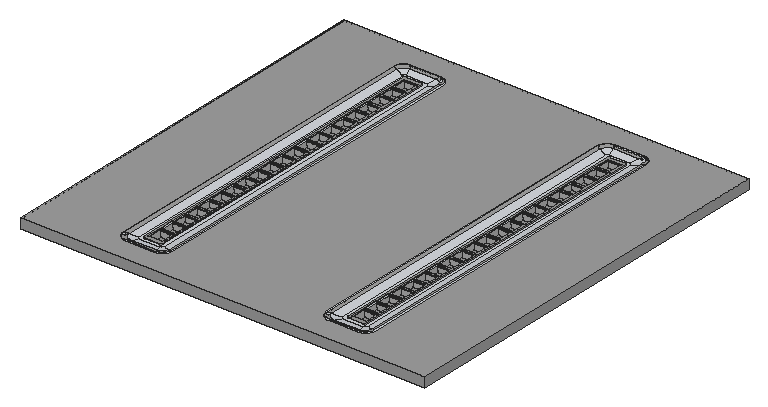
Revit family "0044018 Sylvania Lighting Fixture OptiClip 600 4000K C9 WH SSC WHITE", category Lighting Fixtures, host Face, Revit 2016 (continued)
Automatic sketch dimensions
  Blend 25 sketch curve to plane 64 = 4.7 mm
  Extrusion 26 sketch curve to plane 75 = 0 mm
  Extrusion 26 sketch curve to plane 77 = 0 mm
  Extrusion 26 sketch curve to plane 76 = 0 mm
  Extrusion 26 sketch curve to plane 74 = 0 mm
  Extrusion 27 sketch curve to plane 77 = 0 mm
  Extrusion 27 sketch curve to plane 76 = 0 mm
  plane 33 to Extrusion 27 sketch curve = 4.7 mm
  Extrusion 27 sketch curve to plane 32 = 4.7 mm
  Extrusion 28 sketch curve to plane 77 = 0 mm
  Extrusion 28 sketch curve to plane 76 = 0 mm
  plane 35 to Extrusion 28 sketch curve = 4.655 mm
  Extrusion 28 sketch curve to plane 34 = 4.7 mm
  Extrusion 29 sketch curve to plane 77 = 0 mm
  Extrusion 29 sketch curve to plane 76 = 0 mm
  plane 37 to Extrusion 29 sketch curve = 4.745 mm
  Extrusion 29 sketch curve to plane 36 = 4.7 mm
  Extrusion 30 sketch curve to plane 77 = 0 mm
  Extrusion 30 sketch curve to plane 76 = 0 mm
  plane 39 to Extrusion 30 sketch curve = 4.7 mm
  Extrusion 30 sketch curve to plane 38 = 4.7 mm
  Extrusion 31 sketch curve to plane 77 = 0 mm
  Extrusion 31 sketch curve to plane 76 = 0 mm
  plane 41 to Extrusion 31 sketch curve = 4.7 mm
  Extrusion 31 sketch curve to plane 40 = 4.7 mm
  Extrusion 32 sketch curve to plane 77 = 0 mm
  Extrusion 32 sketch curve to plane 76 = 0 mm
  plane 43 to Extrusion 32 sketch curve = 4.7 mm
  Extrusion 32 sketch curve to plane 42 = 4.7 mm
  Extrusion 33 sketch curve to plane 77 = 0 mm
  Extrusion 33 sketch curve to plane 76 = 0 mm
  plane 45 to Extrusion 33 sketch curve = 4.674 mm
  Extrusion 33 sketch curve to plane 44 = 4.7 mm
  Extrusion 34 sketch curve to plane 77 = 0 mm
  Extrusion 34 sketch curve to plane 76 = 0 mm
  plane 47 to Extrusion 34 sketch curve = 4.726 mm
  Extrusion 34 sketch curve to plane 46 = 4.7 mm
  Extrusion 35 sketch curve to plane 77 = 0 mm
  Extrusion 35 sketch curve to plane 76 = 0 mm
  plane 49 to Extrusion 35 sketch curve = 4.7 mm
  Extrusion 35 sketch curve to plane 48 = 4.7 mm
  Extrusion 36 sketch curve to plane 77 = 0 mm
  Extrusion 36 sketch curve to plane 76 = 0 mm
  plane 51 to Extrusion 36 sketch curve = 4.7 mm
  Extrusion 36 sketch curve to plane 50 = 4.7 mm
  Extrusion 37 sketch curve to plane 77 = 0 mm
  Extrusion 37 sketch curve to plane 76 = 0 mm
  plane 53 to Extrusion 37 sketch curve = 4.7 mm
  Extrusion 37 sketch curve to plane 52 = 4.7 mm
  Extrusion 38 sketch curve to plane 77 = 0 mm
  Extrusion 38 sketch curve to plane 76 = 0 mm
  plane 55 to Extrusion 38 sketch curve = 4.7 mm
  Extrusion 38 sketch curve to plane 54 = 4.7 mm
  Extrusion 39 sketch curve to plane 77 = 0 mm
  Extrusion 39 sketch curve to plane 76 = 0 mm
  plane 57 to Extrusion 39 sketch curve = 4.655 mm
  Extrusion 39 sketch curve to plane 56 = 4.7 mm
  Extrusion 40 sketch curve to plane 77 = 0 mm
  Extrusion 40 sketch curve to plane 76 = 0 mm
  plane 59 to Extrusion 40 sketch curve = 4.745 mm
  Extrusion 40 sketch curve to plane 58 = 4.7 mm
  Extrusion 41 sketch curve to plane 77 = 0 mm
  Extrusion 41 sketch curve to plane 76 = 0 mm
  plane 61 to Extrusion 41 sketch curve = 4.7 mm
  Extrusion 41 sketch curve to plane 60 = 4.7 mm
  Extrusion 42 sketch curve to plane 77 = 0 mm
  Extrusion 42 sketch curve to plane 76 = 0 mm
  plane 63 to Extrusion 42 sketch curve = 4.7 mm
  Extrusion 42 sketch curve to plane 62 = 4.7 mm
  Extrusion 43 sketch curve to plane 77 = 0 mm
  Extrusion 43 sketch curve to plane 76 = 0 mm
  plane 65 to Extrusion 43 sketch curve = 4.7 mm
  Extrusion 43 sketch curve to plane 64 = 4.7 mm
  Extrusion 44 sketch curve to plane 77 = 0 mm
  Extrusion 44 sketch curve to plane 76 = 0 mm
  plane 67 to Extrusion 44 sketch curve = 4.7 mm
  Extrusion 44 sketch curve to plane 66 = 4.7 mm
  Extrusion 45 sketch curve to plane 77 = 0 mm
  Extrusion 45 sketch curve to plane 76 = 0 mm
  plane 69 to Extrusion 45 sketch curve = 4.7 mm
  Extrusion 45 sketch curve to plane 68 = 4.7 mm
  Extrusion 46 sketch curve to plane 77 = 0 mm
  Extrusion 46 sketch curve to plane 76 = 0 mm
  plane 71 to Extrusion 46 sketch curve = 4.7 mm
  Extrusion 46 sketch curve to plane 70 = 4.7 mm
  plane 25 to Blend 47 sketch curve = 2.5 mm  (x2)
  plane 3 "Center (Left/Right)" to Blend 47 sketch curve = 114 mm
  Blend 47 sketch curve to plane 24 = 1 mm
  Blend 47 sketch curve to Blend 47 sketch curve = 15 mm  (x2)
  Blend 47 sketch curve to Blend 47 sketch curve = 42 mm  (x2)
  plane 20 to Blend 47 sketch curve = 0 mm
  plane 80 to Blend 47 sketch curve = 2 mm  (x2)
  plane 3 "Center (Left/Right)" to Blend 47 sketch curve = 130.5 mm
  plane 25 to Blend 47 sketch curve = 1 mm
  Blend 47 sketch curve to plane 81 = 2.155 mm
  Blend 47 sketch curve to Blend 47 sketch curve = 4 mm
  Blend 47 sketch curve to Blend 47 sketch curve = 30.692 mm
  Blend 47 sketch curve to Blend 47 sketch curve = 0.297 mm
  Blend 47 sketch curve to plane 81 = 2.222 mm
  Blend 47 sketch curve to Blend 47 sketch curve = 3.933 mm
  plane 24 to Blend 48 sketch curve = 0 mm
  plane 22 to Blend 48 sketch curve = 0 mm
  Blend 48 sketch curve to plane 20 = 1.5 mm  (x2)
  plane 25 to Blend 48 sketch curve = 2.5 mm  (x2)
  Blend 48 sketch curve to plane 10 = 110 mm
  Blend 48 sketch curve to Blend 48 sketch curve = 42 mm
  plane 26 to Blend 48 sketch curve = 0 mm
  plane 25 to Blend 48 sketch curve = 0 mm
  Blend 48 sketch curve to plane 81 = 2.155 mm  (x2)
  Blend 48 sketch curve to plane 81 = 2.066 mm
  plane 80 to Blend 48 sketch curve = 2 mm  (x2)
  Blend 48 sketch curve to plane 10 = 126.5 mm
  Blend 48 sketch curve to Blend 48 sketch curve = 3.014 mm
  Blend 48 sketch curve to Blend 48 sketch curve = 31.034 mm
  Blend 48 sketch curve to Blend 48 sketch curve = 30.692 mm
  plane 30 to Extrusion 49 sketch curve = 0 mm
  plane 29 to Extrusion 49 sketch curve = 0 mm
  plane 3 "Center (Left/Right)" to Extrusion 49 sketch curve = 140 mm
  Extrusion 49 sketch curve to Extrusion 49 sketch curve = 22 mm
  Blend 50 sketch curve to plane 67 = 0 mm
  Blend 50 sketch curve to plane 66 = 0 mm
  Blend 50 sketch curve to plane 73 = 0 mm
  Blend 50 sketch curve to plane 72 = 0 mm
  Blend 50 sketch curve to plane 77 = 0 mm
  Blend 50 sketch curve to plane 76 = 0 mm
  plane 67 to Blend 50 sketch curve = 4.7 mm
  Blend 50 sketch curve to plane 66 = 4.7 mm
  Blend 51 sketch curve to plane 69 = 0 mm
  Blend 51 sketch curve to plane 68 = 0 mm
  Blend 51 sketch curve to plane 73 = 0 mm
  Blend 51 sketch curve to plane 72 = 0 mm
  Blend 51 sketch curve to plane 77 = 0 mm
  Blend 51 sketch curve to plane 76 = 0 mm
  plane 69 to Blend 51 sketch curve = 4.7 mm
  Blend 51 sketch curve to plane 68 = 4.7 mm
  Blend 52 sketch curve to plane 71 = 0 mm
  Blend 52 sketch curve to plane 70 = 0 mm
  Blend 52 sketch curve to plane 73 = 0 mm
  Blend 52 sketch curve to plane 72 = 0 mm
  Blend 52 sketch curve to plane 77 = 0 mm
  Blend 52 sketch curve to plane 76 = 0 mm
  plane 71 to Blend 52 sketch curve = 4.7 mm
  Blend 52 sketch curve to plane 70 = 4.7 mm
  plane 82 to Extrusion 53 sketch curve = 0 mm  (x2)
  Extrusion 53 sketch curve to plane 80 = 0 mm
  plane 81 to Extrusion 53 sketch curve = 0 mm
  plane 3 "Center (Left/Right)" to Extrusion 53 sketch curve = 137.5 mm
  Extrusion 53 sketch curve to plane 30 = 1.726 mm
  Extrusion 53 sketch curve to Extrusion 53 sketch curve = 2.284 mm
  Extrusion 53 sketch curve to Extrusion 53 sketch curve = 22 mm
  Extrusion 53 sketch curve to plane 30 = 1.536 mm
  Extrusion 53 sketch curve to Extrusion 53 sketch curve = 2.456 mm
  plane 31 to Blend 54 sketch curve = 0 mm
  Blend 54 sketch curve to plane 29 = 1.75 mm
  Blend 54 sketch curve to plane 10 = 133.539 mm
  Blend 54 sketch curve to Blend 54 sketch curve = 20.961 mm
  plane 75 to Blend 54 sketch curve = 0 mm
  plane 74 to Blend 54 sketch curve = 0 mm
  Blend 54 sketch curve to plane 10 = 138.039 mm
  Blend 54 sketch curve to Blend 54 sketch curve = 11.961 mm
  plane 33 to Blend 55 sketch curve = 0 mm
  plane 32 to Blend 55 sketch curve = 0 mm
  Blend 55 sketch curve to plane 10 = 133.539 mm
  Blend 55 sketch curve to Blend 55 sketch curve = 20.961 mm
  plane 33 to Blend 55 sketch curve = 4.7 mm
  Blend 55 sketch curve to plane 32 = 4.7 mm
  Blend 55 sketch curve to plane 10 = 138.039 mm
  Blend 55 sketch curve to Blend 55 sketch curve = 11.961 mm
  plane 34 to Blend 56 sketch curve = 0 mm
  Blend 56 sketch curve to plane 35 = 0.045 mm
  Blend 56 sketch curve to plane 10 = 133.539 mm
  Blend 56 sketch curve to Blend 56 sketch curve = 20.961 mm
  plane 35 to Blend 56 sketch curve = 4.655 mm
  Blend 56 sketch curve to plane 34 = 4.7 mm
  Blend 56 sketch curve to plane 10 = 138.039 mm
  Blend 56 sketch curve to Blend 56 sketch curve = 11.961 mm
  plane 36 to Blend 57 sketch curve = 0 mm
  plane 37 to Blend 57 sketch curve = 0.045 mm
  Blend 57 sketch curve to plane 10 = 133.539 mm
  Blend 57 sketch curve to Blend 57 sketch curve = 20.961 mm
  plane 37 to Blend 57 sketch curve = 4.745 mm
  Blend 57 sketch curve to plane 36 = 4.7 mm
  Blend 57 sketch curve to plane 10 = 138.039 mm
  Blend 57 sketch curve to Blend 57 sketch curve = 11.961 mm
  plane 39 to Blend 58 sketch curve = 0 mm
  plane 38 to Blend 58 sketch curve = 0 mm
  Blend 58 sketch curve to plane 10 = 133.539 mm
  Blend 58 sketch curve to Blend 58 sketch curve = 20.961 mm
  plane 39 to Blend 58 sketch curve = 4.7 mm
  Blend 58 sketch curve to plane 38 = 4.7 mm
  Blend 58 sketch curve to plane 10 = 138.039 mm
  Blend 58 sketch curve to Blend 58 sketch curve = 11.961 mm
  plane 41 to Blend 59 sketch curve = 0 mm
  plane 40 to Blend 59 sketch curve = 0 mm
  Blend 59 sketch curve to plane 10 = 133.539 mm
  Blend 59 sketch curve to Blend 59 sketch curve = 20.961 mm
  plane 41 to Blend 59 sketch curve = 4.7 mm
  Blend 59 sketch curve to plane 40 = 4.7 mm
  Blend 59 sketch curve to plane 10 = 138.039 mm
  Blend 59 sketch curve to Blend 59 sketch curve = 11.961 mm
  plane 43 to Blend 60 sketch curve = 0 mm
  plane 42 to Blend 60 sketch curve = 0 mm
  Blend 60 sketch curve to plane 10 = 133.539 mm
  Blend 60 sketch curve to Blend 60 sketch curve = 20.961 mm
  plane 43 to Blend 60 sketch curve = 4.7 mm
  Blend 60 sketch curve to plane 42 = 4.7 mm
  Blend 60 sketch curve to plane 10 = 138.039 mm
  Blend 60 sketch curve to Blend 60 sketch curve = 11.961 mm
  plane 44 to Blend 61 sketch curve = 0 mm
  Blend 61 sketch curve to plane 45 = 0.026 mm
  Blend 61 sketch curve to plane 10 = 133.539 mm
  Blend 61 sketch curve to Blend 61 sketch curve = 20.961 mm
  plane 45 to Blend 61 sketch curve = 4.674 mm
  Blend 61 sketch curve to plane 44 = 4.7 mm
  Blend 61 sketch curve to plane 10 = 138.039 mm
  Blend 61 sketch curve to Blend 61 sketch curve = 11.961 mm
  plane 46 to Blend 62 sketch curve = 0 mm
  plane 47 to Blend 62 sketch curve = 0.026 mm
  Blend 62 sketch curve to plane 10 = 133.539 mm
  Blend 62 sketch curve to Blend 62 sketch curve = 20.961 mm
  plane 47 to Blend 62 sketch curve = 4.726 mm
  Blend 62 sketch curve to plane 46 = 4.7 mm
  Blend 62 sketch curve to plane 10 = 138.039 mm
  Blend 62 sketch curve to Blend 62 sketch curve = 11.961 mm
  plane 49 to Blend 63 sketch curve = 0 mm
  plane 48 to Blend 63 sketch curve = 0 mm
  Blend 63 sketch curve to plane 10 = 133.539 mm
  Blend 63 sketch curve to Blend 63 sketch curve = 20.961 mm
  plane 49 to Blend 63 sketch curve = 4.7 mm
  Blend 63 sketch curve to plane 48 = 4.7 mm
  Blend 63 sketch curve to plane 10 = 138.039 mm
  Blend 63 sketch curve to Blend 63 sketch curve = 11.961 mm
  plane 51 to Blend 64 sketch curve = 0 mm
  plane 50 to Blend 64 sketch curve = 0 mm
  Blend 64 sketch curve to plane 10 = 133.539 mm
  Blend 64 sketch curve to Blend 64 sketch curve = 20.961 mm
  plane 51 to Blend 64 sketch curve = 4.7 mm
  Blend 64 sketch curve to plane 50 = 4.7 mm
  Blend 64 sketch curve to plane 10 = 138.039 mm
  Blend 64 sketch curve to Blend 64 sketch curve = 11.961 mm
  plane 53 to Blend 65 sketch curve = 0 mm
  plane 52 to Blend 65 sketch curve = 0 mm
  Blend 65 sketch curve to plane 10 = 133.539 mm
  Blend 65 sketch curve to Blend 65 sketch curve = 20.961 mm
  plane 53 to Blend 65 sketch curve = 4.7 mm
  Blend 65 sketch curve to plane 52 = 4.7 mm
  Blend 65 sketch curve to plane 10 = 138.039 mm
  Blend 65 sketch curve to Blend 65 sketch curve = 11.961 mm
  plane 55 to Blend 66 sketch curve = 0 mm
  plane 54 to Blend 66 sketch curve = 0 mm
  Blend 66 sketch curve to plane 10 = 133.539 mm
  Blend 66 sketch curve to Blend 66 sketch curve = 20.961 mm
  plane 55 to Blend 66 sketch curve = 4.7 mm
  Blend 66 sketch curve to plane 54 = 4.7 mm
  Blend 66 sketch curve to plane 10 = 138.039 mm
  Blend 66 sketch curve to Blend 66 sketch curve = 11.961 mm
  plane 56 to Blend 67 sketch curve = 0 mm
  Blend 67 sketch curve to plane 57 = 0.045 mm
  Blend 67 sketch curve to plane 10 = 133.539 mm
  Blend 67 sketch curve to Blend 67 sketch curve = 20.961 mm
  plane 57 to Blend 67 sketch curve = 4.655 mm
  Blend 67 sketch curve to plane 56 = 4.7 mm
  Blend 67 sketch curve to plane 10 = 138.039 mm
  Blend 67 sketch curve to Blend 67 sketch curve = 11.961 mm
  plane 58 to Blend 68 sketch curve = 0 mm
  plane 59 to Blend 68 sketch curve = 0.045 mm
  Blend 68 sketch curve to plane 10 = 133.539 mm
  Blend 68 sketch curve to Blend 68 sketch curve = 20.961 mm
  plane 59 to Blend 68 sketch curve = 4.745 mm
  Blend 68 sketch curve to plane 58 = 4.7 mm
  Blend 68 sketch curve to plane 10 = 138.039 mm
  Blend 68 sketch curve to Blend 68 sketch curve = 11.961 mm
  plane 61 to Blend 69 sketch curve = 0 mm
  plane 60 to Blend 69 sketch curve = 0 mm
  Blend 69 sketch curve to plane 10 = 133.539 mm
  Blend 69 sketch curve to Blend 69 sketch curve = 20.961 mm
  plane 61 to Blend 69 sketch curve = 4.7 mm
  Blend 69 sketch curve to plane 60 = 4.7 mm
  Blend 69 sketch curve to plane 10 = 138.039 mm
  Blend 69 sketch curve to Blend 69 sketch curve = 11.961 mm
  plane 63 to Blend 70 sketch curve = 0 mm
  plane 62 to Blend 70 sketch curve = 0 mm
  Blend 70 sketch curve to plane 10 = 133.539 mm
  Blend 70 sketch curve to Blend 70 sketch curve = 20.961 mm
  plane 63 to Blend 70 sketch curve = 4.7 mm
  Blend 70 sketch curve to plane 62 = 4.7 mm
  Blend 70 sketch curve to plane 10 = 138.039 mm
  Blend 70 sketch curve to Blend 70 sketch curve = 11.961 mm
  plane 65 to Blend 71 sketch curve = 0 mm
  plane 64 to Blend 71 sketch curve = 0 mm
  Blend 71 sketch curve to plane 10 = 133.539 mm
  Blend 71 sketch curve to Blend 71 sketch curve = 20.961 mm
  plane 65 to Blend 71 sketch curve = 4.7 mm
  Blend 71 sketch curve to plane 64 = 4.7 mm
  Blend 71 sketch curve to plane 10 = 138.039 mm
  Blend 71 sketch curve to Blend 71 sketch curve = 11.961 mm
  plane 67 to Blend 72 sketch curve = 0 mm
  plane 66 to Blend 72 sketch curve = 0 mm
  Blend 72 sketch curve to plane 10 = 133.539 mm
  Blend 72 sketch curve to Blend 72 sketch curve = 20.961 mm
  plane 67 to Blend 72 sketch curve = 4.7 mm
  Blend 72 sketch curve to plane 66 = 4.7 mm
  Blend 72 sketch curve to plane 10 = 138.039 mm
  Blend 72 sketch curve to Blend 72 sketch curve = 11.961 mm
  plane 69 to Blend 73 sketch curve = 0 mm
  plane 68 to Blend 73 sketch curve = 0 mm
  Blend 73 sketch curve to plane 10 = 133.539 mm
  Blend 73 sketch curve to Blend 73 sketch curve = 20.961 mm
  plane 69 to Blend 73 sketch curve = 4.7 mm
  Blend 73 sketch curve to plane 68 = 4.7 mm
  Blend 73 sketch curve to plane 10 = 138.039 mm
  Blend 73 sketch curve to Blend 73 sketch curve = 11.961 mm
  plane 71 to Blend 74 sketch curve = 0 mm
  plane 70 to Blend 74 sketch curve = 0 mm
  Blend 74 sketch curve to plane 10 = 133.539 mm
  Blend 74 sketch curve to Blend 74 sketch curve = 20.961 mm
  plane 71 to Blend 74 sketch curve = 4.7 mm
  Blend 74 sketch curve to plane 70 = 4.7 mm
  Blend 74 sketch curve to plane 10 = 138.039 mm
  Blend 74 sketch curve to Blend 74 sketch curve = 11.961 mm
  plane 75 to Extrusion 75 sketch curve = 0 mm
  plane 74 to Extrusion 75 sketch curve = 0 mm
  plane 3 "Center (Left/Right)" to Extrusion 75 sketch curve = 145 mm
  Extrusion 75 sketch curve to Extrusion 75 sketch curve = 11.961 mm
  plane 33 to Extrusion 76 sketch curve = 4.7 mm
  plane 3 "Center (Left/Right)" to Extrusion 76 sketch curve = 145 mm
  Extrusion 76 sketch curve to Extrusion 76 sketch curve = 11.961 mm
  Extrusion 76 sketch curve to plane 32 = 4.7 mm
  plane 35 to Extrusion 77 sketch curve = 4.655 mm
  plane 3 "Center (Left/Right)" to Extrusion 77 sketch curve = 145 mm
  Extrusion 77 sketch curve to Extrusion 77 sketch curve = 11.961 mm
  Extrusion 77 sketch curve to plane 34 = 4.7 mm
  plane 37 to Extrusion 78 sketch curve = 4.745 mm
  plane 3 "Center (Left/Right)" to Extrusion 78 sketch curve = 145 mm
  Extrusion 78 sketch curve to Extrusion 78 sketch curve = 11.961 mm
  Extrusion 78 sketch curve to plane 36 = 4.7 mm
  plane 39 to Extrusion 79 sketch curve = 4.7 mm
  plane 3 "Center (Left/Right)" to Extrusion 79 sketch curve = 145 mm
  Extrusion 79 sketch curve to Extrusion 79 sketch curve = 11.961 mm
  Extrusion 79 sketch curve to plane 38 = 4.7 mm
  plane 41 to Extrusion 80 sketch curve = 4.7 mm
  plane 3 "Center (Left/Right)" to Extrusion 80 sketch curve = 145 mm
  Extrusion 80 sketch curve to Extrusion 80 sketch curve = 11.961 mm
  Extrusion 80 sketch curve to plane 40 = 4.7 mm
  plane 43 to Extrusion 81 sketch curve = 4.7 mm
  plane 3 "Center (Left/Right)" to Extrusion 81 sketch curve = 145 mm
  Extrusion 81 sketch curve to Extrusion 81 sketch curve = 11.961 mm
  Extrusion 81 sketch curve to plane 42 = 4.7 mm
  plane 45 to Extrusion 82 sketch curve = 4.674 mm
  plane 3 "Center (Left/Right)" to Extrusion 82 sketch curve = 145 mm
  Extrusion 82 sketch curve to Extrusion 82 sketch curve = 11.961 mm
  Extrusion 82 sketch curve to plane 44 = 4.7 mm
  plane 47 to Extrusion 83 sketch curve = 4.726 mm
  plane 3 "Center (Left/Right)" to Extrusion 83 sketch curve = 145 mm
  Extrusion 83 sketch curve to Extrusion 83 sketch curve = 11.961 mm
  Extrusion 83 sketch curve to plane 46 = 4.7 mm
  plane 49 to Extrusion 84 sketch curve = 4.7 mm
  plane 3 "Center (Left/Right)" to Extrusion 84 sketch curve = 145 mm
  Extrusion 84 sketch curve to Extrusion 84 sketch curve = 11.961 mm
  Extrusion 84 sketch curve to plane 48 = 4.7 mm
  plane 51 to Extrusion 85 sketch curve = 4.7 mm
  plane 3 "Center (Left/Right)" to Extrusion 85 sketch curve = 145 mm
  Extrusion 85 sketch curve to Extrusion 85 sketch curve = 11.961 mm
  Extrusion 85 sketch curve to plane 50 = 4.7 mm
  plane 53 to Extrusion 86 sketch curve = 4.7 mm
  plane 3 "Center (Left/Right)" to Extrusion 86 sketch curve = 145 mm
  Extrusion 86 sketch curve to Extrusion 86 sketch curve = 11.961 mm
  Extrusion 86 sketch curve to plane 52 = 4.7 mm
  plane 55 to Extrusion 87 sketch curve = 4.7 mm
  plane 3 "Center (Left/Right)" to Extrusion 87 sketch curve = 145 mm
  Extrusion 87 sketch curve to Extrusion 87 sketch curve = 11.961 mm
  Extrusion 87 sketch curve to plane 54 = 4.7 mm
  plane 57 to Extrusion 88 sketch curve = 4.655 mm
  plane 3 "Center (Left/Right)" to Extrusion 88 sketch curve = 145 mm
  Extrusion 88 sketch curve to Extrusion 88 sketch curve = 11.961 mm
  Extrusion 88 sketch curve to plane 56 = 4.7 mm
  plane 59 to Extrusion 89 sketch curve = 4.745 mm
  plane 3 "Center (Left/Right)" to Extrusion 89 sketch curve = 145 mm
  Extrusion 89 sketch curve to Extrusion 89 sketch curve = 11.961 mm
  Extrusion 89 sketch curve to plane 58 = 4.7 mm
  plane 61 to Extrusion 90 sketch curve = 4.7 mm
  plane 3 "Center (Left/Right)" to Extrusion 90 sketch curve = 145 mm
  Extrusion 90 sketch curve to Extrusion 90 sketch curve = 11.961 mm
  Extrusion 90 sketch curve to plane 60 = 4.7 mm
  plane 63 to Extrusion 91 sketch curve = 4.7 mm
  plane 3 "Center (Left/Right)" to Extrusion 91 sketch curve = 145 mm
  Extrusion 91 sketch curve to Extrusion 91 sketch curve = 11.961 mm
  Extrusion 91 sketch curve to plane 62 = 4.7 mm
  plane 65 to Extrusion 92 sketch curve = 4.7 mm
  plane 3 "Center (Left/Right)" to Extrusion 92 sketch curve = 145 mm
  Extrusion 92 sketch curve to Extrusion 92 sketch curve = 11.961 mm
  Extrusion 92 sketch curve to plane 64 = 4.7 mm
  plane 67 to Extrusion 93 sketch curve = 4.7 mm
  plane 3 "Center (Left/Right)" to Extrusion 93 sketch curve = 145 mm
  Extrusion 93 sketch curve to Extrusion 93 sketch curve = 11.961 mm
  Extrusion 93 sketch curve to plane 66 = 4.7 mm
  plane 69 to Extrusion 94 sketch curve = 4.7 mm
  plane 3 "Center (Left/Right)" to Extrusion 94 sketch curve = 145 mm
  Extrusion 94 sketch curve to Extrusion 94 sketch curve = 11.961 mm
  Extrusion 94 sketch curve to plane 68 = 4.7 mm
  plane 71 to Extrusion 95 sketch curve = 4.7 mm
  plane 3 "Center (Left/Right)" to Extrusion 95 sketch curve = 145 mm
  Extrusion 95 sketch curve to Extrusion 95 sketch curve = 11.961 mm
  Extrusion 95 sketch curve to plane 70 = 4.7 mm
  Extrusion 96 sketch curve to plane 7 = 0 mm
  plane 8 to Extrusion 96 sketch curve = 0 mm
  plane 6 to Extrusion 96 sketch curve = 0 mm
  plane 5 to Extrusion 96 sketch curve = 0 mm
Connectors
  electrical at (0, 0, -1.008)
    settings: on cut or joined group of Extrusion 2, Extrusion 3, Blend 5, Blend 48, index 1, voltage 0 V, apparent load 0 VA, apparent load phase1 0 VA, apparent load phase2 0 VA, apparent load phase3 0 VA, power factor 1, load classification "Other", number of poles 1, system type 31, power factor state 1, is connector primary yes, connector utility no, sub classification motor no, connector description ""
